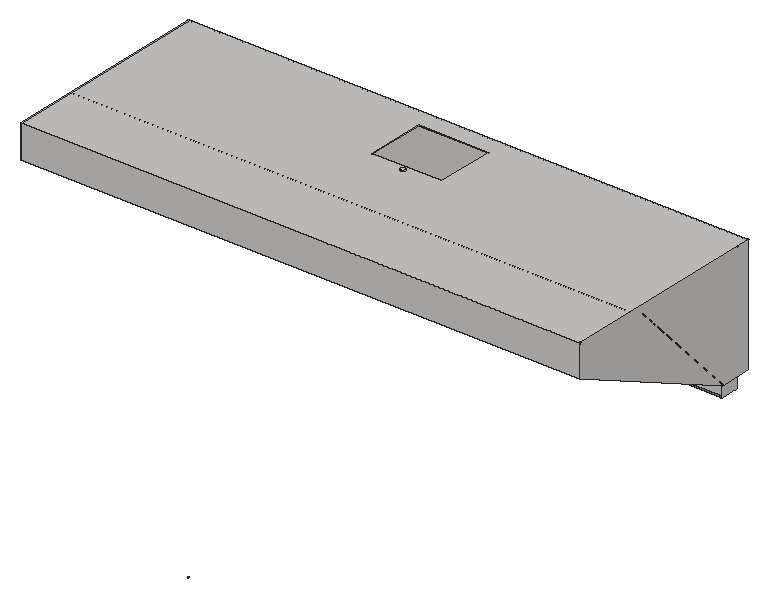
Revit family "QF_ELECTROLUXPROFESSIONAL_644207_AMPV924DT", category Attrezzature speciali, Revit 2021
Family settings
  Quota connettore circolare = Usa diametro
  Tipo di parte = Normale
  Basato su piano di lavoro = No
  Sempre verticale = Sì
  Taglio con vuoti quando caricato = No
  Condiviso = No
  Punto di calcolo locali = No
Parameters (values of type "Standard")
  Weight = 67.00 kg
  Watts = 420 W
  Volts = 220 V
  URL Manufacturer = "https://www.electroluxprofessional.com/"
  URL = "https://www.electroluxprofessional.com/"
  Steam Supply Size = 0 mm
  Steam Supply Minimum Pressure = 0.0 Pa
  Steam Supply Maximum Pressure = 0.0 Pa
  Steam Consumption per Hour = 0
  Refrigeration Suction Line Size = 0 mm
  Refrigeration Liquid Line Size = 0 mm
  Refrigerant Compressor Remote = yes
  Prospetto di default = 0 mm
  Produttore = "Electrolux Professional"
  Phase = 1
  Modello = "AMPV924DT"
  Length Actual = 2400 mm  # constant formula
  Item Number = "644207"
  Hot Water Size = 0 mm
  Height Actual = 500 mm  # constant formula
  HP = "0.6 HP"
  Gas Size = 0 mm
  Gas KW = 0
  Gas Input Pressure = 0 W
  Direct Waste Size = 0 mm
  Descrizione = "304 S/S WALL HOOD+FILTERS+FAN 2400X900MM"
  Depth Actual = 900 mm  # constant formula
  Cycle = 50 Hz
  Condensate Return Size = 0 mm
  Compressed Air Volume = 0.0 L/s
  Compressed Air Size = 0 mm
  Compressed Air Pressure = 0.0 Pa
  Cold Water Size = 0 mm
  Accessory = yes
Reference planes
  plane 1: z = 0
  plane 2 "Center (Left/Right)": x = 150
  plane 3 "LEFT": x = -1050
  plane 4 "RIGHT": x = 1350
  plane 5 "BACK": y = 550
  plane 6 "Plane": z = 2000
  plane 7 "TOP": z = 2140
  plane 8 "Base": z = 1640
  plane 9: z = 1566
  plane 10 "DrainY": y = 485
  plane 11: x = -1047
  plane 12: through (0, 414.509, 1640.8) normal (0, 0.7314, 0.682)
  plane 13: y = 470
  plane 14: y = 220
  plane 15 "DrainX": x = 1230
  plane 16: x = 300
  plane 17: x = 0
  plane 18: x = 1347
  plane 19: x = 1140
  plane 20: x = 1320
  plane 21: x = -1010
  plane 22: x = -645
  plane 23: x = -450
  plane 24: x = 1310
  plane 25: x = 945
  plane 26: x = 750
  plane 27: x = -47.5
  plane 28: x = 347.5
  plane 29 "Center (Front/Back)": y = 100
  plane 30 "Front": y = -350
  plane 31: y = 200
Forms (mm)
  Extrusion 1, solid, material "QF_Finishes_Stainless Steel"
    sketch origin (-1050, 0, 0) x (0, 1, 0) y (0, 0, 1)
      loop
        line (550, 1640) -> (550, 2140) -> (-350, 2140) -> (-350, 1999.112) -> (413.973, 1640) -> (550, 1640)
    from 0 to 3
  Extrusion 2, solid, material "QF_Finishes_Stainless Steel"
    sketch origin (150, 0, 0) x (0, 1, 0) y (0, 0, 1)
      loop
        line (415.255, 1640) -> (550, 1640) -> (550, 2139.19) -> (549.2, 2139.19) -> (549.2, 1640.8) -> (415.876, 1640.8) -> (339.347, 1722.867) -> (349.609, 1732.436) -> (348.927, 1733.167) -> (337.934, 1722.917) -> (415.255, 1640)
      loop
        line (-82.203, 2139.19) -> (-82.203, 2118.6) -> (-31.047, 2118.6) -> (34.354, 2048.466) -> (46.028, 2059.352) -> (45.346, 2060.083) -> (34.403, 2049.879) -> (-30.612, 2119.6) -> (-81.203, 2119.6) -> (-81.203, 2139.19) -> (-82.203, 2139.19)
    from -1197 to 1197
  Extrusion 3, solid, material "QF_Finishes_Stainless Steel"
    sketch origin (1350, 0, 0) x (0, 1, 0) y (0, 0, 1)
      loop
        line (550, 1640) -> (550, 2140) -> (-350, 2140) -> (-350, 1999.112) -> (413.973, 1640) -> (550, 1640)
    from 0 to -3
  Extrusion 4, solid, material "QF_Finishes_Stainless Steel"
    sketch origin (150, 0, 0) x (0, 1, 0) y (0, 0, 1)
      loop
        line (-350, 2140) -> (-350, 2000) -> (-349.2, 2000) -> (-349.2, 2139.19) -> (550, 2139.19) -> (550, 2140) -> (-350, 2140)
    from -1200 to 1200
  Extrusion 5, solid, material "QF_Finishes_Stainless Steel"
    sketch origin (150, 0, 0) x (0, 1, 0) y (0, 0, 1)
      loop
        line (534, 1640) -> (436, 1640) -> (436, 1627) -> (443.5, 1627) -> (443.5, 1576)
        arc (443.5, 1576) -> (446.429, 1568.929) -> (453.5, 1566) r 10
        line (453.5, 1566) -> (516.5, 1566)
        arc (516.5, 1566) -> (523.571, 1568.929) -> (526.5, 1576) r 10
        line (526.5, 1576) -> (526.5, 1627) -> (534, 1627) -> (534, 1640)
    from 990 to 1170
  Extrusion 6, solid, material "QF_Finishes_Stainless Steel"
    sketch origin (0, 0, 1640) x (0, 1, 0) y (-1, 0, 0)
      loop
        circle (485, -1230) r 20
    from -76 to -74
  Extrusion 7, solid, material "QF_Finished_Chrome"
    sketch origin (150, 0, 0) x (0, 1, 0) y (0, 0, 1)
      loop
        line (337.934, 1722.917) -> (341.591, 1726.327) -> (38.011, 2051.876) -> (34.354, 2048.466) -> (337.934, 1722.917)
    from -795 to -1160
  Extrusion 8, solid, material "QF_Finished_Chrome"
    sketch origin (150, 0, 0) x (0, 1, 0) y (0, 0, 1)
      loop
        line (337.934, 1722.917) -> (341.591, 1726.327) -> (38.011, 2051.876) -> (34.354, 2048.466) -> (337.934, 1722.917)
    from -197.5 to -600
  Extrusion 9, solid, material "QF_Finishes_Stainless Steel"
    sketch origin (150, 0, 0) x (0, 1, 0) y (0, 0, 1)
      loop
        line (337.934, 1722.917) -> (341.591, 1726.327) -> (38.011, 2051.876) -> (34.354, 2048.466) -> (337.934, 1722.917)
    from 1197 to 1160
  Extrusion 10, solid, material "QF_Finishes_Stainless Steel"
    sketch origin (150, 0, 0) x (0, 1, 0) y (0, 0, 1)
      loop
        line (341.588, 1726.324) -> (38.009, 2051.874) -> (34.354, 2048.466) -> (337.934, 1722.917) -> (341.588, 1726.324)
    from -795 to -600
  Extrusion 11, solid, material "QF_Finished_Chrome"
    sketch origin (150, 0, 0) x (0, 1, 0) y (0, 0, 1)
      loop
        line (341.588, 1726.324) -> (38.009, 2051.874) -> (34.354, 2048.466) -> (337.934, 1722.917) -> (341.588, 1726.324)
    from 795 to 1160
  Extrusion 12, void
    sketch origin (0, 0, 2140) x (0, 1, 0) y (-1, 0, 0)
      loop
        line (470, 0) -> (220, 0) -> (220, -300) -> (470, -300) -> (470, 0)
    from 0 to -10
  Extrusion 13, solid, material "QF_Finishes_Stainless Steel"
    sketch origin (0, 0, 0) x (1, 0, 0) y (0, 1, 0)
      loop
        line (-1050, 550) -> (-1050, 549) -> (-1049, 549) -> (-1049, 550) -> (-1050, 550)
    from 0 to 1
  Extrusion 14, solid, material "QF_Finishes_Stainless Steel"
    sketch origin (150, 0, 0) x (0, 1, 0) y (0, 0, 1)
      loop
        line (337.934, 1722.917) -> (341.591, 1726.327) -> (38.011, 2051.876) -> (34.354, 2048.466) -> (337.934, 1722.917)
    from -1160 to -1197
  Extrusion 15, solid, material "QF_Finishes_Stainless Steel"
    sketch origin (150, 0, 0) x (0, 1, 0) y (0, 0, -1)
      loop
        line (341.588, -1726.324) -> (337.934, -1722.917) -> (34.354, -2048.466) -> (38.009, -2051.874) -> (341.588, -1726.324)
    from -795 to -600
  Extrusion 16, solid, material "QF_Finished_Chrome"
    sketch origin (150, 0, 0) x (0, 1, 0) y (0, 0, 1)
      loop
        line (337.934, 1722.917) -> (341.591, 1726.327) -> (38.011, 2051.876) -> (34.354, 2048.466) -> (337.934, 1722.917)
    from 600 to 197.5
  Extrusion 17, solid, material "QF_Finishes_Stainless Steel"
    sketch origin (150, 0, 0) x (0, 1, 0) y (0, 0, -1)
      loop
        line (341.588, -1726.324) -> (337.934, -1722.917) -> (34.354, -2048.466) -> (38.009, -2051.874) -> (341.588, -1726.324)
    from -197.5 to 197.5
  Extrusion 18, solid, material "QF_Finishes_Stainless Steel"
    sketch origin (0, 0, 2140) x (0, 1, 0) y (-1, 0, 0)
      loop
        circle (200, -150) r 10
    from 0 to 1.6
Cuts and joins
  Extrusion 12 cuts Extrusion 4
  joined: Extrusion 2, Extrusion 4
Lines and regions (mm)
  reference lines
    curve 1: line (150, 34.354, 2048.466) -> (150, 34.354, 1888.466)
  symbolic lines, style "SpecialityEquipment", detail levels coarse
    curve 2: line (1350, 550, 2140) -> (-1050, 550, 2140)
    curve 3: line (-1050, 550, 2140) -> (-1050, -350, 2140)
    curve 4: line (1350, -350, 2140) -> (1350, 550, 2140)
    curve 5: line (-1050, -350, 2140) -> (1350, -350, 2140)
    curve 6: line (0, 220, 2140) -> (300, 220, 2140)
    curve 7: line (0, 470, 2140) -> (0, 220, 2140)
    curve 8: line (300, 470, 2140) -> (0, 470, 2140)
    curve 9: line (300, 220, 2140) -> (300, 470, 2140)
    curve 10: line (-1050, 550, 0) -> (1350, -350, 0)
    curve 11: line (1350, 550, 0) -> (-1050, -350, 0)
Dimensions and locks
  plane 3 "LEFT" to plane 4 "RIGHT" = 2400 mm
  equal spacing: plane 3 "LEFT", plane 2 "Center (Left/Right)", plane 4 "RIGHT"
  locked: plane 6 "Plane" to level at 2000
  plane 7 "TOP" to plane 6 "Plane" = 140 mm
  locked: plane 7 "TOP" to plane 8 "Base" at 500
  plane 8 "Base" to plane 9 = 74 mm
  plane 5 "BACK" to plane 10 "DrainY" = 65 mm  (x2)
  plane 3 "LEFT" to plane 11 = 3 mm
  plane 5 "BACK" to plane 13 = 80 mm
  plane 13 to plane 14 = 250 mm  (x2)
  plane 15 "DrainX" to plane 4 "RIGHT" = 120 mm
  plane 18 to plane 4 "RIGHT" = 3 mm
  locked: plane 19 to plane 15 "DrainX" at 90
  locked: plane 15 "DrainX" to plane 20 at 90
  plane 13 to plane 5 "BACK" = 80 mm
  locked: plane 3 "LEFT" to plane 21 at 40
  locked: plane 21 to plane 22 at 365
  locked: plane 22 to plane 23 at 195
  locked: plane 24 to plane 25 at 365
  locked: plane 25 to plane 26 at 195
  locked: plane 24 to plane 4 "RIGHT" at 40
  locked: plane 27 to plane 28 at 395
  equal spacing: plane 27, plane 2 "Center (Left/Right)", plane 28
  locked: plane 17 to plane 16 at 300
  equal spacing: plane 17, plane 2 "Center (Left/Right)", plane 16
  plane 23 to plane 27 = 402.5 mm
  plane 28 to plane 26 = 402.5 mm
  locked: plane 5 "BACK" to plane 30 "Front" at 900
  equal spacing: plane 5 "BACK", plane 29 "Center (Front/Back)", plane 30 "Front"
  plane 5 "BACK" to plane 30 "Front" = 900 mm
  plane 14 to plane 31 = 20 mm
  aligned and locked: level to plane 1
  aligned and locked: Extrusion 2 to Extrusion 1
  aligned and locked: Extrusion 2 to Extrusion 3
  aligned and locked: plane 4 "RIGHT" to Extrusion 4
  aligned and locked: Extrusion 4 to plane 3 "LEFT"
  aligned and locked: plane 18 to Extrusion 9
  aligned and locked: plane 17 to Extrusion 12
  aligned and locked: Extrusion 12 to plane 16
  aligned and locked: Extrusion 12 to plane 14
  aligned and locked: Extrusion 12 to plane 13
  aligned and locked: Extrusion 2 to Extrusion 4
  aligned and locked: plane 20 to Extrusion 5
  aligned and locked: Extrusion 5 to plane 19
  aligned and locked: Extrusion 9 to plane 24
  aligned and locked: Extrusion 11 to plane 24
  aligned and locked: Extrusion 11 to plane 25
  aligned and locked: Extrusion 8 to plane 23
  aligned and locked: plane 23 to Extrusion 10
  aligned and locked: Extrusion 10 to plane 22
  aligned and locked: plane 22 to Extrusion 7
  aligned and locked: Extrusion 7 to plane 21
  aligned and locked: Extrusion 14 to plane 11
  aligned and locked: plane 21 to Extrusion 14
  aligned and locked: Extrusion 15 to plane 26
  aligned and locked: Extrusion 15 to plane 25
  aligned and locked: Extrusion 3 to plane 18
  aligned and locked: plane 27 to Extrusion 8
  aligned and locked: Extrusion 16 to plane 26
  aligned and locked: Extrusion 16 to plane 28
  aligned and locked: plane 28 to Extrusion 17
  aligned and locked: Extrusion 17 to plane 27
Automatic sketch dimensions
  curve 5 to plane 3 "LEFT" = 0 mm
  curve 9 to plane 14 = 0 mm
  plane 13 to curve 8 = 0 mm
  curve 3 to plane 5 "BACK" = 0 mm
  curve 5 to plane 4 "RIGHT" = 0 mm
  curve 6 to plane 16 = 0 mm
  curve 6 to plane 17 = 0 mm
  Extrusion 2 sketch curve to plane 12 = 0 mm  (x3)
  Extrusion 2 sketch curve to plane 8 "Base" = 0 mm
  plane 12 to Extrusion 2 sketch curve = 0 mm
  Extrusion 2 sketch curve to plane 5 "BACK" = 0 mm
  Extrusion 2 sketch curve to Extrusion 2 sketch curve = 65.646 mm
  Extrusion 2 sketch curve to Extrusion 2 sketch curve = 0.682 mm  (x2)
  Extrusion 2 sketch curve to Extrusion 2 sketch curve = 10.261 mm
  plane 8 "Base" to Extrusion 2 sketch curve = 82.917 mm
  Extrusion 2 sketch curve to Extrusion 2 sketch curve = 10.942 mm
  Extrusion 2 sketch curve to Extrusion 2 sketch curve = 0.049 mm
  Extrusion 2 sketch curve to plane 7 "TOP" = 20.4 mm
  Extrusion 2 sketch curve to plane 7 "TOP" = 21.4 mm
  Extrusion 2 sketch curve to plane 7 "TOP" = 0.81 mm  (x2)
  Extrusion 2 sketch curve to Extrusion 2 sketch curve = 50.156 mm
  Extrusion 2 sketch curve to Extrusion 2 sketch curve = 1 mm
  plane 8 "Base" to Extrusion 2 sketch curve = 0.8 mm
  Extrusion 2 sketch curve to plane 5 "BACK" = 0.8 mm
  Extrusion 3 sketch curve to plane 8 "Base" = 0 mm
  Extrusion 3 sketch curve to plane 5 "BACK" = 0 mm
  Extrusion 3 sketch curve to plane 7 "TOP" = 0 mm
  plane 13 to Extrusion 3 sketch curve = 56.027 mm
  Extrusion 4 sketch curve to plane 6 "Plane" = 0 mm
  Extrusion 4 sketch curve to plane 5 "BACK" = 0 mm
  Extrusion 4 sketch curve to plane 7 "TOP" = 0 mm
  Extrusion 4 sketch curve to plane 7 "TOP" = 0.81 mm
  curve 1 to plane 12 = 0 mm
  curve 1 to plane 6 "Plane" = 111.534 mm
  Extrusion 5 sketch curve to plane 8 "Base" = 0 mm
  Extrusion 5 sketch curve to plane 9 = 0 mm
  Extrusion 5 sketch curve to plane 8 "Base" = 13 mm  (x2)
  plane 13 to Extrusion 5 sketch curve = 34 mm
  Extrusion 5 sketch curve to Extrusion 5 sketch curve = 7.5 mm  (x2)
  Extrusion 5 sketch curve to Extrusion 5 sketch curve = 10 mm
  plane 10 "DrainY" to Extrusion 5 sketch curve = 31.5 mm
  Extrusion 5 sketch curve to plane 5 "BACK" = 23.5 mm
  Extrusion 6 sketch curve to plane 10 "DrainY" = 0 mm
  Extrusion 6 sketch curve to plane 15 "DrainX" = 0 mm
  Extrusion 7 sketch curve to plane 12 = 0 mm  (x2)
  Extrusion 7 sketch curve to Extrusion 7 sketch curve = 3.657 mm
  plane 8 "Base" to Extrusion 7 sketch curve = 82.917 mm
  Extrusion 8 sketch curve to plane 12 = 0 mm  (x2)
  Extrusion 8 sketch curve to Extrusion 8 sketch curve = 3.657 mm
  plane 8 "Base" to Extrusion 8 sketch curve = 82.917 mm
  Extrusion 9 sketch curve to plane 12 = 0 mm  (x2)
  Extrusion 9 sketch curve to Extrusion 9 sketch curve = 3.657 mm
  plane 8 "Base" to Extrusion 9 sketch curve = 82.917 mm
  Extrusion 10 sketch curve to plane 12 = 0 mm  (x2)
  Extrusion 10 sketch curve to Extrusion 10 sketch curve = 3.655 mm
  plane 8 "Base" to Extrusion 10 sketch curve = 82.917 mm
  Extrusion 11 sketch curve to plane 12 = 0 mm  (x2)
  Extrusion 11 sketch curve to Extrusion 11 sketch curve = 3.655 mm
  plane 8 "Base" to Extrusion 11 sketch curve = 82.917 mm
  Extrusion 12 sketch curve to plane 14 = 0 mm
  plane 13 to Extrusion 12 sketch curve = 0 mm
  Extrusion 12 sketch curve to plane 16 = 0 mm
  Extrusion 12 sketch curve to plane 17 = 0 mm
  Extrusion 13 sketch curve to plane 3 "LEFT" = 0 mm
  Extrusion 13 sketch curve to plane 5 "BACK" = 0 mm
  plane 3 "LEFT" to Extrusion 13 sketch curve = 1 mm
  Extrusion 13 sketch curve to Extrusion 13 sketch curve = 1 mm
  Extrusion 14 sketch curve to plane 12 = 0 mm  (x2)
  Extrusion 14 sketch curve to Extrusion 14 sketch curve = 3.657 mm
  plane 8 "Base" to Extrusion 14 sketch curve = 82.917 mm
  Extrusion 15 sketch curve to plane 12 = 0 mm  (x2)
  Extrusion 15 sketch curve to Extrusion 15 sketch curve = 3.655 mm
  plane 8 "Base" to Extrusion 15 sketch curve = 82.917 mm
  Extrusion 16 sketch curve to plane 12 = 0 mm  (x2)
  Extrusion 16 sketch curve to Extrusion 16 sketch curve = 3.657 mm
  plane 8 "Base" to Extrusion 16 sketch curve = 82.917 mm
  Extrusion 17 sketch curve to plane 12 = 0 mm  (x2)
  Extrusion 17 sketch curve to Extrusion 17 sketch curve = 3.655 mm
  plane 8 "Base" to Extrusion 17 sketch curve = 82.917 mm
  Extrusion 4 sketch curve to Extrusion 4 sketch curve = 0.8 mm
  curve 5 to plane 14 = 570 mm
  plane 6 "Plane" to Extrusion 2 sketch curve = 48.466 mm
  Extrusion 4 sketch curve to plane 14 = 569.2 mm
  curve 1 to plane 14 = 185.646 mm
  plane 6 "Plane" to Extrusion 7 sketch curve = 51.876 mm
  plane 6 "Plane" to Extrusion 8 sketch curve = 51.876 mm
  plane 6 "Plane" to Extrusion 9 sketch curve = 51.876 mm
  plane 6 "Plane" to Extrusion 10 sketch curve = 51.874 mm
  plane 6 "Plane" to Extrusion 11 sketch curve = 51.874 mm
  plane 6 "Plane" to Extrusion 14 sketch curve = 51.876 mm
  plane 6 "Plane" to Extrusion 15 sketch curve = 51.874 mm
  plane 6 "Plane" to Extrusion 16 sketch curve = 51.876 mm
  plane 6 "Plane" to Extrusion 17 sketch curve = 51.874 mm
  Extrusion 1 sketch curve to plane 30 "Front" = 0 mm
  Extrusion 1 sketch curve to plane 8 "Base" = 0 mm
  Extrusion 1 sketch curve to plane 5 "BACK" = 0 mm
  Extrusion 1 sketch curve to plane 7 "TOP" = 0 mm
  plane 13 to Extrusion 1 sketch curve = 56.027 mm
  Extrusion 1 sketch curve to plane 6 "Plane" = 0.888 mm
  Extrusion 3 sketch curve to plane 30 "Front" = 0 mm
  Extrusion 3 sketch curve to plane 6 "Plane" = 0.888 mm
  curve 11 to plane 3 "LEFT" = 0 mm
  curve 10 to plane 3 "LEFT" = 0 mm
  curve 11 to plane 4 "RIGHT" = 0 mm
  curve 10 to plane 4 "RIGHT" = 0 mm
  curve 10 to plane 30 "Front" = 0 mm
  curve 11 to plane 30 "Front" = 0 mm
  curve 11 to plane 5 "BACK" = 0 mm
  curve 10 to plane 5 "BACK" = 0 mm
  Extrusion 18 sketch curve to plane 2 "Center (Left/Right)" = 0 mm
  Extrusion 18 sketch curve to plane 31 = 0 mm
  radius of Extrusion 6 sketch curve = 20 mm
  radius of Extrusion 18 sketch curve = 10 mm
Connectors
  piping at (1230, 485, 1564), diameter 20
    settings: on Extrusion 6, index 1, connector inside diameter 609.6 mm, connector length 0 mm, flow factor 0, pipe flow 0.0 L/s, pressure drop 0.0 Pa, fitting loss kfactor 0, connector angle 0.00°, fixture units 0, engagement length 0 mm, angle of deflection 0.00°, flow configuration 1, flow direction 2, fitting loss method 0, system type 16, joint type 0, gender type 0, connector reference index -1, connector utility 0, adjustable connector no, is connector primary yes, connector description "Drain"
  hvac at (150, 345, 2140)
    settings: on Extrusion 12, index 2, duct flow 0.0 L/s, flow factor 0, pres drop 0.0 Pa, loss coef 0, conn angle 0.00°, conn width 250 mm, conn height 300 mm, conn diameter 609.6 mm, duct sys type 3, conn prof type 1, flow config 1, flow direction 0, loss method 0, conn ref index -1, conn util no, is conn primary yes, conn desc "EXHAUST OUTLET"
  electrical at (150, 200, 2140), driven by "Volts"
    settings: on Extrusion 18, index 3, voltage 220 V, apparent load 0 VA, apparent load phase1 0 VA, apparent load phase2 0 VA, apparent load phase3 0 VA, power factor 1, load classification "Other", number of poles 1, system type 30, power factor state 1, is connector primary yes, connector utility no, sub classification motor no, connector description "Electrical Connection"
